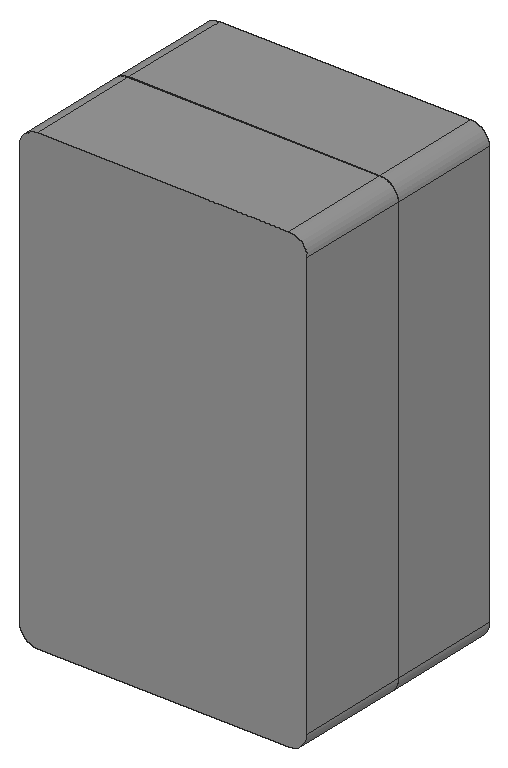
Revit family "Domotics-SerieCivili-GEWISS-27COMBI22-IP66_CONTENITORI_2PULSANTI_D22", category Apparecchi elettrici, host Muro, Revit 2016
Family settings
  Host = Muro
  Mantenere orientamento annotazione = No
  Tipo di parte = Normale
  Quota connettore circolare = Usa diametro
  Sempre verticale = Sì
  Taglio con vuoti quando caricato = No
  Condiviso = No
  Punto di calcolo locali = No
Parameters (values of type "GW27203 - Contenitore 2 posti pulsante marcia/arresto")
  Viti coperchio = "Acciaio inox"
  Versione file RFA = "18.0"
  URL = "https://www.gewiss.com/it/it"
  Tipo sfondabili = "Asportabili con utensile"
  Termopressione con biglia = "70 °C"
  Temperatura di installazione = "-25 +60 °C"
  Scheda Tecnica = "https://www.gewiss.com/it/it/search?q=GW27203"
  SEO = "Contenitore"
  Produttore = "GEWISS S.p.A."
  Operatori Ã˜ 22 = "Marcia (verde) Arresto (rosso)"
  Norma di riferimento: = "EN 60947-1 - EN 60947-5-1"
  Norma di riferimento = "EN 60947-1 - EN 60947-5-1"
  N. posti = "2"
  Modello = "GW27203"
  Immagine tipo = GW27203.jpg
  Pulsante_2 = GEWISS - Pulsante arresto - rosso
  Pulsante_1 = GEWISS - Pulsante marcia -verde
  Profondità = 65 mm
  Larghezza = 82 mm
  IFC.TypeObject = ""
  IFC.ExportType = ""
  IFC.ExportAs = ""
  IDT = "6f5ffad8-ab4e-4bf2-93b9-8f52598943a3"
  IDF = "6f111f79-9d27-4f27-9b61-8f97bc50c7dc"
  Grado di protezione = "IP66"
  Glow Wire Test = "650°C"
  Dim. esterne BxHxP (mm) = "132x82x65"
  Descrizione = "CONTENITORE 2POS.PULSANTE MARCIA/ARRESTO"
  Creato da GEWISS S.p.A. = ""
  Coppia serraggio viti = "0,8NM"
  Contatti = "1 NA-1 NC"
  Colore = "Grigio RAL 7035"
  Codice Electrocod = "0212"
  Codice EAN = "8011564055582"
  Classe isolamento = "II"
  Catalogo Serie = "27COMBI"
  Catalogo = "DOMOTICS"
  COBie.Tagnumber = ""
  COBie.CreatedOn = ""
  COBie.CreatebBy = ""
  COBie.ComponentRegisterItemID = ""
  COBie.Component.TagNumber = ""
  COBie.Component.Space = ""
  COBie.Component.SerialNumber = ""
  COBie.Component.InstallationDate = ""
  COBie.Component.Description = ""
  COBie.Component.BarCode = ""
  Altezza = 132 mm
Reference planes
  plane 1 "Muro": y = 0
  plane 2 "Centro (Sinistra/Destra)": x = 125
  plane 3 "Indietro": y = 100
  plane 4: z = 1089.176
  plane 5: z = 1023.176
  plane 6: x = 166
  plane 7: x = 84
  plane 8: z = 957.176
  plane 9: y = 165
  plane 10: y = 132.5
  plane 11: y = 175
  plane 12: y = 174
Forms (mm)
  Extrusion 1, solid, material "Grigio"
    sketch origin (0, 0, -500) x (1, 0, 0) y (0, 0, 1)
      loop
        line (161, 1589.176) -> (89, 1589.176)
        arc (89, 1589.176) -> (85.464, 1587.712) -> (84, 1584.176) r 5
        line (84, 1584.176) -> (84, 1462.176)
        arc (84, 1462.176) -> (85.464, 1458.641) -> (89, 1457.176) r 5
        line (89, 1457.176) -> (161, 1457.176)
        arc (161, 1457.176) -> (164.536, 1458.641) -> (166, 1462.176) r 5
        line (166, 1462.176) -> (166, 1584.176)
        arc (166, 1584.176) -> (164.536, 1587.712) -> (161, 1589.176) r 5
    from -132.5 to -100
  Extrusion 2, solid, material "Grigio"
    sketch origin (0, 0, -500) x (1, 0, 0) y (0, 0, 1)
      loop
        line (161, 1589.176) -> (89, 1589.176)
        arc (89, 1589.176) -> (85.464, 1587.712) -> (84, 1584.176) r 5
        line (84, 1584.176) -> (84, 1462.176)
        arc (84, 1462.176) -> (85.464, 1458.641) -> (89, 1457.176) r 5
        line (89, 1457.176) -> (161, 1457.176)
        arc (161, 1457.176) -> (164.536, 1458.641) -> (166, 1462.176) r 5
        line (166, 1462.176) -> (166, 1584.176)
        arc (166, 1584.176) -> (164.536, 1587.712) -> (161, 1589.176) r 5
    from -132.5 to -165
  Extrusion 3, solid, material "Pulsante -contorno", detail levels medium+fine
    sketch origin (0, 0, 25) x (1, 0, 0) y (0, 0, 1)
      loop
        circle (125, 1023.176) r 11
    from -175 to -165
  Extrusion 4, void, detail levels fine
    sketch origin (0, 0, 25) x (1, 0, 0) y (0, 0, 1)
      loop
        circle (125, 1023.176) r 9
    from -175 to -174
  Extrusion 5, solid, material "GEWISS - Pulsante marcia -verde" <- "Pulsante_1", detail levels fine
    sketch origin (0, 0, 25) x (1, 0, 0) y (0, 0, 1)
      loop
        circle (125, 1023.176) r 9
    from -175 to -174
  Extrusion 6, solid, material "Pulsante -contorno", detail levels medium+fine
    sketch origin (0, 0, 2021.353) x (1, 0, 0) y (0, 0, 1)
      loop
        circle (125, -1023.176) r 11
    from -175 to -165
  Extrusion 7, void, detail levels fine
    sketch origin (0, 0, 2021.353) x (1, 0, 0) y (0, 0, 1)
      loop
        circle (125, -1023.176) r 9
    from -175 to -174
  Extrusion 8, solid, material "GEWISS - Pulsante arresto - rosso" <- "Pulsante_2", detail levels fine
    sketch origin (0, 0, 2021.353) x (1, 0, 0) y (0, 0, 1)
      loop
        circle (125, -1023.176) r 9
    from -175 to -174
Cuts and joins
  Extrusion 4, Extrusion 7 cuts Extrusion 3
  Extrusion 7 cuts Extrusion 5
  Extrusion 7 cuts Extrusion 6
Lines and regions (mm)
  model lines, detail levels fine
    curve 1: circle (158.854, 165, 1081.654) r 2.95 normal (0, -1, 0)
    curve 2: circle (91.146, 165, 1081.654) r 2.95 normal (0, 1, 0)
    curve 3: circle (158.854, 165, 964.699) r 2.95 normal (0, 1, 0)
    curve 4: circle (91.146, 165, 964.699) r 2.95 normal (0, -1, 0)
Text (mm)
  text "Lato posizionamento" at (-1848.837, 1116.779, 0), in view "Livello rif."
  text "Lato posizionamento" at (0, 1285.74, 1740.657), in view "Sinistra"
  text "Lato posizionamento" at (0, 499.811, 2980.732), in view "Destra"
Dimensions and locks
  locked: plane 3 "Indietro" to host wall
  "Larghezza": plane 7 to plane 6
  "Altezza": plane 8 to plane 4
  equal spacing: plane 8, plane 5, plane 4
  equal spacing: plane 7, plane 2 "Centro (Sinistra/Destra)", plane 6
  equal spacing: plane 9, plane 10, plane 3 "Indietro"
  "Profondità": plane 9 to plane 3 "Indietro"
  locked: plane 11 to plane 9 at 10
  locked: plane 11 to plane 12 at 1
  aligned and locked: plane 1 "Muro" to host wall
  aligned and locked: plane 4 to Extrusion 1 sketch curve
  aligned and locked: Extrusion 1 sketch curve to plane 6
  aligned and locked: Extrusion 1 sketch curve to plane 8
  aligned and locked: plane 7 to Extrusion 1 sketch curve
  aligned and locked: plane 6 to Extrusion 2 sketch curve
  aligned and locked: plane 8 to Extrusion 2 sketch curve
  aligned and locked: Extrusion 2 sketch curve to plane 4
  aligned and locked: plane 10 to Extrusion 1
  aligned and locked: Extrusion 2 to Extrusion 1
  aligned and locked: Extrusion 1 to host wall
  aligned and locked: plane 9 to Extrusion 2
  aligned and locked: Extrusion 3 to plane 9
  aligned and locked: plane 11 to Extrusion 3
  aligned and locked: Extrusion 4 to plane 12
  aligned and locked: Extrusion 5 to plane 12
  aligned and locked: plane 11 to Extrusion 5
  aligned and locked: plane 11 to Extrusion 4
  aligned and locked: plane 11 to Extrusion 6
  aligned and locked: Extrusion 6 to plane 9
  aligned and locked: Extrusion 7 to plane 12
  aligned and locked: plane 11 to Extrusion 7
  aligned and locked: Extrusion 8 to plane 12
  aligned and locked: plane 11 to Extrusion 8
  aligned and locked: plane 11 to cut or joined group of Extrusion 3, Extrusion 4, Extrusion 7
  aligned and locked: cut or joined group of Extrusion 5, Extrusion 7 to plane 12
Automatic sketch dimensions
  Extrusion 1 sketch curve to plane 7 = 5 mm  (x2)
  Extrusion 1 sketch curve to plane 4 = 5 mm
  plane 6 to Extrusion 1 sketch curve = 5 mm
  plane 7 to Extrusion 2 sketch curve = 0 mm
  Extrusion 2 sketch curve to plane 7 = 5 mm  (x2)
  Extrusion 2 sketch curve to plane 4 = 5 mm
  plane 6 to Extrusion 2 sketch curve = 5 mm
  Extrusion 2 to curve 2 = 7.146 mm
  Extrusion 2 to curve 4 = 7.146 mm
  Extrusion 2 to curve 3 = 7.146 mm
  Extrusion 2 to curve 1 = 7.146 mm
  Extrusion 2 to curve 3 = 7.523 mm
  Extrusion 2 to curve 4 = 7.523 mm
  Extrusion 2 to curve 2 = 7.523 mm
  Extrusion 2 to curve 1 = 7.523 mm
  Extrusion 3 sketch curve to plane 2 "Centro (Sinistra/Destra)" = 0 mm
  plane 5 to Extrusion 3 sketch curve = 25 mm
  Extrusion 4 sketch curve to plane 2 "Centro (Sinistra/Destra)" = 0 mm
  plane 5 to Extrusion 4 sketch curve = 25 mm
  Extrusion 5 sketch curve to plane 2 "Centro (Sinistra/Destra)" = 0 mm
  plane 5 to Extrusion 5 sketch curve = 25 mm
  Extrusion 6 sketch curve to plane 2 "Centro (Sinistra/Destra)" = 0 mm
  plane 5 to Extrusion 6 sketch curve = 25 mm
  Extrusion 7 sketch curve to plane 2 "Centro (Sinistra/Destra)" = 0 mm
  plane 5 to Extrusion 7 sketch curve = 25 mm
  Extrusion 8 sketch curve to plane 2 "Centro (Sinistra/Destra)" = 0 mm
  plane 5 to Extrusion 8 sketch curve = 25 mm
  radius of curve 1 = 2.95 mm
  radius of curve 2 = 2.95 mm
  radius of curve 3 = 2.95 mm
  radius of curve 4 = 2.95 mm
  radius of Extrusion 3 sketch curve = 11 mm
  radius of Extrusion 4 sketch curve = 9 mm
  radius of Extrusion 5 sketch curve = 9 mm
  radius of Extrusion 6 sketch curve = 11 mm
  radius of Extrusion 7 sketch curve = 9 mm
  radius of Extrusion 8 sketch curve = 9 mm
